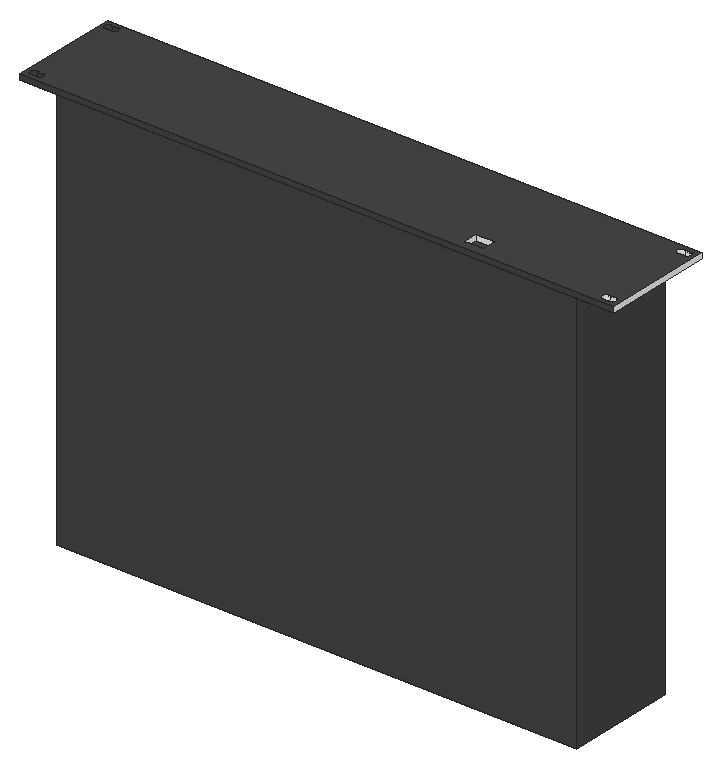
Revit family "Digital_Media-Honeywell-Power_Supply-581722(3)", category Electrical Equipment, host Face, Revit 2017
Family settings
  Host = Face
  Round Connector Dimension = Use Diameter
  Part Type = Equipment Switch
  OmniClass Number = 23.85.50.00
  OmniClass Title = Communication Systems
  Cut with Voids When Loaded = No
  Shared = No
  Room Calculation Point = No
Parameters (values of type "PSU 24 V-4 - 581723")
  Width = 483 mm  # constant formula
  Weight = if(Constraints = 1, 8.79997 kgf, 5.19998 kgf)  # 8.79997 kgf
  Watts = 0 W
  Voltage = "230"  # constant formula
  Version = "2017 - v1.0a"  # constant formula
  Utility = no
  Storage Temperature = "-40 °C ... 85 °C"  # constant formula
  Rated Voltage = "230 V AC"  # constant formula
  Rated Frequency = "50 ... 60 Hz"  # constant formula
  Power Factor = 1
  Output Current = if(Constraints = 1, "max. 372 A (battery)", "max. 186 A (battery)")  # "max. 372 A (battery)"
  Number of Poles = 1
  Manufacturer Phone Number = "02131/40615-600"  # constant formula
  Manufacturer Fax Number = "02131/40615-606"  # constant formula
  Manufacturer Email = "mailto:info@esser-systems.com"
  Manufacturer Address = "Dieselstr. 2 41469 Neuss Germany"  # constant formula
  Load Sub-Classification = no
  Frequency = 50 Hz
  Finish = Metal - Honeywell - Stainless Steel - Black
  URL = "www.esser-systems.com"
  Support Phone = "(224) 699-9545"  # constant formula
  Support Email = "mailto:support@anguleris.com"
  Product Page URL = "https://www.esser-systems.com/en/products/details/variodyn-d1/power-supply/581723-emergency-power-supply-psu-24-v-4/"
  Product Name = if(Constraints = 1, "PSU 24 V-4", "PSU 24 V-2")  # "PSU 24 V-4"
  Product Documentation Link = "https://www.esser-systems.com/en/products/details/variodyn-d1/power-supply/581723-emergency-power-supply-psu-24-v-4/download/productdatasheet/3000914"
  Model = if(Constraints = 1, "581723", "581722")  # "581723"
  Material = ""
  Manufacturer = "Honeywell International"  # constant formula
  Keynote = ""
  Height = if(Constraints = 1, 89 mm, 45 mm)  # 89 mm
  Description = if(Constraints = 1, "Emergency power supply PSU 24 V42", "Emergency power supply PSU 24 V-2")  # "Emergency power supply PSU 24 V42"
  Depth = 328 mm  # constant formula
  Default Elevation = 1219.2 mm
  Copyright = "© Copyright 2005-2019 Honeywell International Inc. All rights reserved."  # constant formula
  Constraints = 1
  Battery Capacity = if(Constraints = 1, "max. 640 Ah", "max. 320 Ah")  # "max. 640 Ah"
  Assembly Code = ""
  Apparent Load = 230 VA
  Ambient Temperature = "-5 °C ... 40 °C"  # constant formula
Types (2, lengths in mm): name | Weight | Output Current | Product Page URL | Product Name | Product Documentation Link | Model | Height | Description | Constraints | Battery Capacity
  PSU 24 V-4 - 581723 | 8.79997 kgf | "max. 372 A (battery)" | "https://www.esser-systems.com/en/products/details/variodyn-d1/power-supply/581723-emergency-power-supply-psu-24-v-4/" | "PSU 24 V-4" | "https://www.esser-systems.com/en/products/details/variodyn-d1/power-supply/581723-emergency-power-supply-psu-24-v-4/download/productdatasheet/3000914" | "581723" | 89 | "Emergency power supply PSU 24 V42" | 1 | "max. 640 Ah"
  PSU 24 V-2 - 581722 | 5.19998 kgf | "max. 186 A (battery)" | "https://www.esser-systems.com/en/products/details/variodyn-d1/power-supply/581722-emergency-power-supply-psu-24-v-2/" | "PSU 24 V-2" | "https://www.esser-systems.com/en/products/details/variodyn-d1/power-supply/581722-emergency-power-supply-psu-24-v-2/download/productdatasheet/3000880" | "581722" | 45 | "Emergency power supply PSU 24 V-2" | 2 | "max. 320 Ah"
Reference planes
  plane 1 "Center (Front/Back)": y = 317.025
  plane 2: z = 0
  plane 3 "Center (Left/Right)": x = 0
  plane 4: y = -857.675
  plane 5: x = -241.5
  plane 6: x = 241.5
  plane 7: y = 361.525
  plane 8: y = 272.525
  plane 9 "Back": z = -328
  plane 10: z = 10.875
  plane 11: x = -158.75
Forms (mm)
  Extrusion 1, void
    sketch origin (0, 0, 0) x (1, 0, 0) y (0, 1, 0)
      loop
        line (-241.5, 361.525) -> (-241.5, 272.525) -> (241.5, 272.525) -> (241.5, 361.525) -> (-241.5, 361.525)
    from -328 to 10.875
  Extrusion 2, solid, material "Metal - Honeywell - Stainless Steel - Black" <- "Finish"
    sketch origin (0, 0, 0) x (1, 0, 0) y (0, 1, 0)
      loop
        line (241.5, 272.525) -> (241.5, 361.525) -> (-241.5, 361.525) -> (-241.5, 272.525) -> (241.5, 272.525)
      loop
        arc (-235.25, 358.051) -> (-238.398, 354.904) -> (-235.25, 351.756) r 3.148
        line (-235.25, 351.756) -> (-230.408, 351.756)
        arc (-230.408, 351.756) -> (-227.26, 354.904) -> (-230.408, 358.051) r 3.148
        line (-230.408, 358.051) -> (-235.25, 358.051)
      loop
        line (-235.25, 275.999) -> (-230.408, 275.999)
        arc (-230.408, 275.999) -> (-227.26, 279.147) -> (-230.408, 282.295) r 3.148
        line (-230.408, 282.295) -> (-235.25, 282.295)
        arc (-235.25, 282.295) -> (-238.398, 279.147) -> (-235.25, 275.999) r 3.148
      loop
        line (235.253, 358.051) -> (230.41, 358.051)
        arc (230.41, 358.051) -> (227.263, 354.904) -> (230.41, 351.756) r 3.148
        line (230.41, 351.756) -> (235.253, 351.756)
        arc (235.253, 351.756) -> (238.401, 354.904) -> (235.253, 358.051) r 3.148
      loop
        arc (235.253, 275.999) -> (238.401, 279.147) -> (235.253, 282.295) r 3.148
        line (235.253, 282.295) -> (230.41, 282.295)
        arc (230.41, 282.295) -> (227.263, 279.147) -> (230.41, 275.999) r 3.148
        line (230.41, 275.999) -> (235.253, 275.999)
      loop
        line (115.001, 290.471) -> (115.001, 279.397) -> (130.001, 279.397) -> (130.001, 290.471) -> (115.001, 290.471)
    from 0 to 4
  Extrusion 3, solid, material "Metal - Honeywell - Stainless Steel - Black"
    sketch origin (0, 0, 0) x (1, 0, 0) y (0, 1, 0)
      loop
        line (-211.379, 361.525) -> (-211.379, 272.525) -> (211.5, 272.525) -> (211.5, 361.525) -> (-211.379, 361.525)
    from 0 to -328
Lines and regions (mm)
  Masking region 1
    outline origin (0, 317.025, 0) x (1, 0, 0) y (0, 0, 1)
      loop
        line (-241.5, -328) -> (241.5, -328) -> (241.5, 4) -> (-241.5, 4) -> (-241.5, -328)
  Split face 1
    outline origin (0, 0, 4) x (1, 0, 0) y (0, 1, 0)
      loop
        line (178.589, 361.525) -> (178.589, 272.525)
  Split face 2
    outline origin (0, 0, 4) x (1, 0, 0) y (0, 1, 0)
      loop
        line (-147.935, 305.799) -> (-147.935, 278.208) -> (-57.935, 278.208) -> (-57.935, 305.799) -> (-147.935, 305.799)
  Split face 3
    outline origin (0, 0, 4) x (1, 0, 0) y (0, 1, 0)
      loop
        line (-43.875, 300.508) -> (-43.875, 284.406) -> (-27.988, 284.406) -> (-27.988, 300.508) -> (-43.875, 300.508)
  Split face 4
    outline origin (241.5, 272.525, 0) x (-1, 0, 0) y (0, 0, -1)
      loop
        line (62.911, -4) -> (62.911, 0)
  Split face 5
    outline origin (-241.5, 361.525, 0) x (1, 0, 0) y (0, 0, -1)
      loop
        line (420.089, -4) -> (420.089, 0)
  Split face 6
    outline origin (0, 0, 4) x (1, 0, 0) y (0, 1, 0)
      loop
        line (-137.293, 298.229) -> (-137.293, 284.406) -> (-70.475, 284.406) -> (-70.475, 298.229) -> (-137.293, 298.229)
Dimensions and locks
  "Default Elevation": plane 4 to plane 7
  plane 10 to Masking region 1 = 6.875 mm
  "Depth": level to plane 9 "Back"
  "Height": plane 8 to plane 7
  equal spacing: plane 5, plane 3 "Center (Left/Right)", plane 6
  "Width": plane 5 to plane 6
  equal spacing: plane 8, plane 1 "Center (Front/Back)", plane 7
  locked: plane 10 to level at 10.875
  locked: plane 5 to Extrusion 3 sketch curve at 30.121
  locked: Extrusion 3 sketch curve to plane 6 at 30
  locked: Extrusion 2 to level at 4
  Extrusion 2 sketch curve to Extrusion 2 sketch curve to Extrusion 2 sketch curve to Extrusion 2 sketch curve to plane 3 "Center (Left/Right)" to Extrusion 2 sketch curve to Extrusion 2 sketch curve to Extrusion 2 sketch curve to Extrusion 2 sketch curve = 0 mm locked, 11.139 mm locked, 0 mm locked, 227.26 mm locked, 227.262 mm locked, 0 mm locked, 11.139 mm locked, 0 mm locked
  Extrusion 2 sketch curve to Extrusion 2 sketch curve to Extrusion 2 sketch curve to Extrusion 2 sketch curve to plane 7 = 0 mm locked, 6.296 mm locked, 0 mm locked, 3.474 mm locked
  plane 8 to Extrusion 2 sketch curve to Extrusion 2 sketch curve to Extrusion 2 sketch curve to Extrusion 2 sketch curve = 3.474 mm locked, 0 mm locked, 6.296 mm locked, 0 mm locked
  plane 8 to Extrusion 2 sketch curve to Extrusion 2 sketch curve = 6.872 mm locked, 11.073 mm locked
  plane 3 "Center (Left/Right)" to Extrusion 2 sketch curve to Extrusion 2 sketch curve = 115.001 mm locked, 15 mm locked
  plane 8 to Split face 2 sketch curve to Split face 2 sketch curve = 5.683 mm locked, 27.591 mm locked
  plane 8 to Split face 3 sketch curve to Split face 3 sketch curve = 11.881 mm locked, 16.102 mm locked
  aligned and locked: plane 2 to host face
  aligned and locked: Masking region 1 sketch curve to plane 9 "Back"
  aligned and locked: plane 7 to Extrusion 1 sketch curve
  aligned and locked: Extrusion 1 sketch curve to plane 6
  aligned and locked: plane 5 to Extrusion 1 sketch curve
  aligned and locked: Masking region 1 to plane 6
  aligned and locked: Masking region 1 to plane 5
  aligned and locked: Extrusion 1 to plane 9 "Back"
  aligned and locked: plane 10 to Extrusion 1
  aligned and locked: plane 7 to Extrusion 3 sketch curve
  aligned and locked: Extrusion 3 sketch curve to plane 8
  aligned and locked: Extrusion 3 to plane 9 "Back"
  aligned and locked: level to Extrusion 3
  aligned and locked: Masking region 1 to Extrusion 2
Automatic sketch dimensions
  host sketch curve to host sketch curve = 2438.4 mm  (x2)
  Masking region 1 sketch curve to plane 10 = 6.875 mm
  plane 8 to Extrusion 1 sketch curve = 0 mm
  Masking region 1 sketch curve to plane 11 = 82.75 mm
  Masking region 1 sketch curve to plane 6 = 0 mm
  Extrusion 2 to Split face 1 sketch curve = 0 mm
  Split face 1 sketch curve to Extrusion 2 = 0 mm
  Extrusion 2 sketch curve to plane 5 = 0 mm
  Extrusion 2 sketch curve to plane 6 = 0 mm
  plane 8 to Extrusion 2 sketch curve = 0 mm
  plane 7 to Extrusion 2 sketch curve = 0 mm
  Split face 1 sketch curve to Extrusion 2 = 48.588 mm
  Split face 2 sketch curve to Extrusion 2 = 93.565 mm
  Split face 2 sketch curve to Split face 2 sketch curve = 90 mm
  Split face 3 sketch curve to Extrusion 2 = 158.876 mm
  Split face 3 sketch curve to Split face 3 sketch curve = 15.887 mm
  Split face 4 sketch curve to Extrusion 2 = 0 mm  (x2)
  Split face 4 sketch curve to Extrusion 2 = 62.911 mm
  Split face 5 sketch curve to Extrusion 2 = 0 mm  (x2)
  Split face 5 sketch curve to Extrusion 2 = 62.911 mm
  Split face 6 sketch curve to Extrusion 2 = 2.111 mm
  Split face 6 sketch curve to Extrusion 2 = 104.207 mm
  Split face 6 sketch curve to Split face 6 sketch curve = 66.818 mm
  Split face 6 sketch curve to Extrusion 2 = 7.758 mm
Connectors
  electrical at (0.061, 317.025, -328), driven by "Apparent Load", driven by "Power Factor"
    settings: on Extrusion 3, index 1, voltage 0 V, apparent load 0 VA, apparent load phase1 230 VA, apparent load phase2 0 VA, apparent load phase3 0 VA, power factor 1, load classification "Other", number of poles 1, system type 31, power factor state 1, is connector primary yes, connector utility no, sub classification motor no, connector description "Electrical Connector"
